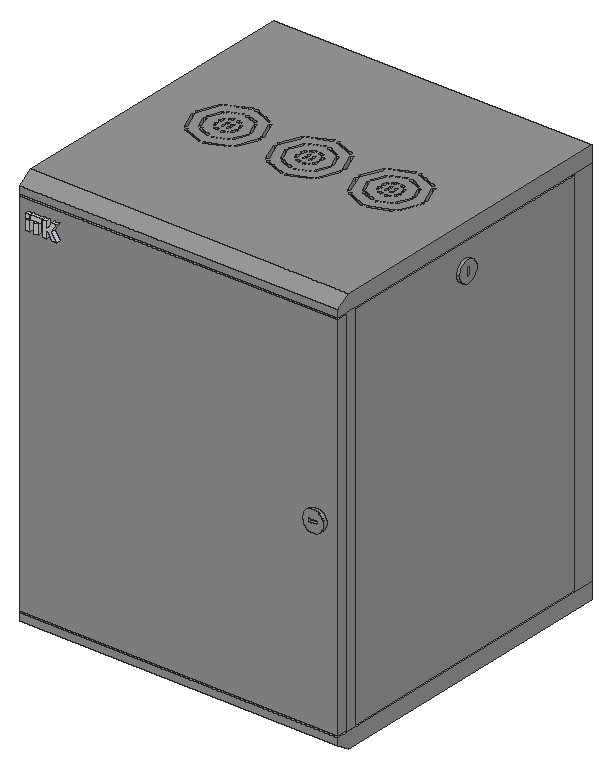
Revit family "Шкафы ITK серия W с металлической дверью", category Электрооборудование, Revit 2016
Family settings
  Тип детали = Другая панель
  Размер круглого соединителя = Использовать диаметр
  Номер OmniClass = 23.80.30.11.17
  Заголовок OmniClass = Distribution Boards and Control Panels
  На основе рабочей плоскости = Нет
  Всегда вертикально = Да
  При загрузке вырезать с полостями = Нет
  Общий = Нет
  Точка расчета площади = Нет
Parameters
  Ширина УГО = Ширина / 100  # 6 mm
  Ширина = 600 mm
  Степень защиты = "IP20"
  Смещение УГО по X [instance] = 1000 mm
  Описание = "Настенные шкафы ITK серии LINEA W используются для размещения компактного и не очень тяжелого 19-дюймового коммутационного оборудования и кроссов. Они предназначены для локальных сетей, разворачиваемых в условиях ограниченного пространства и не имеющих специально отведенных под нужды связи помещений. Помимо компактности, удобства размещения и обслуживания, шкафы LINEA W имеют эстетичный внешний вид, что играет немаловажную роль в таких системах.\r\n\r\nКонструктивные особенности настенных шкафов ITK позволяют обслуживать 19-дюймовое оборудование с трех сторон, надежно защищать его от посторонних, обеспечивать хорошую вентиляцию, заводить необходимые кабели и провода как сверху, так и снизу. За счет малого веса и габаритов шкафы LINEA W быстро и легко собираются/разбираются и транспортируются на новое место. Установка шкафов возможна на стене, на полу, на специальной тумбе или столе.\r\nЭргономичный дизайн и эстетичный внешний вид.\r\nСборка одним человеком за 10 минут.\r\nДоступ к оборудованию с трех сторон.\r\nМонтажные профили имеют разметку в юнитах (U).\r\nВвод кабеля сверху и снизу.\r\nХорошая естественная вентиляция, возможность установки вентиляторного модуля в крыше для улучшения температурных показателей.\r\nСтатическая нагрузка 60 кг.\r\nРасширенная базовая комплектация с L-образными уголками для установки оборудования.\r\nСовместимы с аксессуарами ITK для 19-дюймовых шкафов.\r\nЗанимает мало места при транспортировке.\r\nРасширенная гарантия до 10 лет."  # constant formula
  Материал = Окраска - RAL 7035
  Type Comments = ""
  Assembly Code = ""
  Изготовитель = "ITK"  # constant formula
  Засечка УГО = 1.2 mm  # constant formula
  Model = ""
  Глубина УГО = Глубина / 100  # 6 mm
  Глубина = 600 mm
  Высота = 770 mm
  Вид установки = "Настенный"
  URL = "http://www.itk-group.ru/produktsiya/catalog/?page=section&id=462"
  ADSK_Ток = ADSK_Номинальная мощность / (ADSK_Коэффициент мощности * ADSK_Напряжение * sqrt(ADSK_Количество фаз числовое))  # 0.0227273 A
  ADSK_Примечание = ""
  ADSK_Полная мощность = ADSK_Номинальная мощность / ADSK_Коэффициент мощности  # 5 VA
  ADSK_Позиция [instance] = ""
  ADSK_Номинальная мощность = 5 W
  ADSK_Напряжение = 220 V
  ADSK_Наименование краткое = "LWR3-15U66-MF"
  ADSK_Наименование = "ITK Шкаф LINEA W 15U 600x600 мм дверь металл, RAL7035"
  ADSK_Масса = 0
  ADSK_Марка = "LWR3-15U66-MF"
  ADSK_Коэффициент мощности = 1
  ADSK_Количество фаз числовое = 1
  ADSK_Количество фаз = 1
  ADSK_Код изделия = ""
  ADSK_Классификация нагрузок = Прочее
  ADSK_Завод-изготовитель = "IEK"
  ADSK_Единица измерения = "шт"
  ADSK_Группирование = "I. ЩИТЫ И ПУЛЬТЫ"
Reference planes
  plane 1 "По центру (Вперед/Назад)": y = 0
  plane 2: z = 0
  plane 3 "По центру (Влево/Вправо)": x = 0
  plane 4: x = -300
  plane 5: x = 300
  plane 6: y = 300
  plane 7: y = -300
  plane 8: z = 770
  plane 9: z = 250
  plane 10: z = 50
  plane 11 "Смещение УГО по X": x = -1000
Forms (mm)
  Extrusion 1, solid, detail levels coarse+medium
    sketch origin (0, 0, 0) x (1, 0, 0) y (0, 1, 0)
      loop
        line (-300, 300) -> (-300, -300) -> (300, -300) -> (300, 300) -> (-300, 300)
    from 0 to 770 <- "Высота"
Lines and regions (mm)
  reference lines
    curve 1: line (0, 99.613, 0) -> (0, -170.387, 0)
Dimensions and locks
  equal spacing: plane 7, plane 1 "По центру (Вперед/Назад)", plane 6
  "Глубина": plane 7 to plane 6
  equal spacing: plane 4, plane 3 "По центру (Влево/Вправо)", plane 5
  "Ширина": plane 4 to plane 5
  "Высота": plane 8 to plane 2
  plane 11 "Смещение УГО по X" to plane 3 "По центру (Влево/Вправо)" = 1000 mm
  "Смещение УГО по X": plane 11 "Смещение УГО по X" to curve 1
  aligned and locked: level to plane 2
  aligned and locked: plane 1 "По центру (Вперед/Назад)" to nested 1
  aligned and locked: plane 3 "По центру (Влево/Вправо)" to nested 1
  aligned and locked: plane 3 "По центру (Влево/Вправо)" to nested 2
  aligned and locked: plane 1 "По центру (Вперед/Назад)" to nested 2
  aligned and locked: plane 1 "По центру (Вперед/Назад)" to nested 3
  aligned and locked: plane 3 "По центру (Влево/Вправо)" to nested 3
  aligned and locked: plane 1 "По центру (Вперед/Назад)" to nested 4
  aligned and locked: plane 3 "По центру (Влево/Вправо)" to nested 4
  aligned and locked: plane 1 "По центру (Вперед/Назад)" to nested 5
  aligned and locked: plane 3 "По центру (Влево/Вправо)" to nested 5
  aligned and locked: plane 1 "По центру (Вперед/Назад)" to nested 6
  aligned and locked: nested 6 to curve 1
  aligned and locked: Extrusion 1 sketch curve to plane 4
  aligned and locked: Extrusion 1 sketch curve to plane 6
  aligned and locked: plane 5 to Extrusion 1 sketch curve
  aligned and locked: plane 7 to Extrusion 1 sketch curve
Automatic sketch dimensions
  curve 1 to plane 7 = 129.613 mm
  curve 1 to plane 1 "По центру (Вперед/Назад)" = 99.613 mm
Nested families
  nested 1: "Стойка_комплект 4шт" at (0, 0, 0), type "Стойка_комплект 4шт", detail levels fine
    with Высота 770 mm
  nested 2: "Панель боковая_2шт" at (0, 0, 0), type "Панель боковая_2шт", detail levels fine
    with Глубина 600 mm, Высота 770 mm
  nested 3: "Панель задняя" at (0, 0, 0), type "Панель задняя", detail levels fine
    with Высота 770 mm
  nested 4: "Основание_2шт" at (0, 0, 0), type "Основание_2шт", detail levels fine
    with Высота 770 mm
  nested 5: "Комплект двери металл" at (0, 0, 0), type "Комплект двери металл", detail levels fine
  nested 6: "УГО (одна дверь)" at (0, 0, 0), type "УГО (одна дверь)", detail levels coarse+medium
Connectors
  electrical at (0, 300, 385), driven by "ADSK_Количество фаз", driven by "ADSK_Классификация нагрузок", driven by "ADSK_Напряжение", driven by "ADSK_Полная мощность", driven by "ADSK_Коэффициент мощности"
    settings: on nested 3, index 2, voltage 220 V, apparent load 0 VA, apparent load phase1 5 VA, apparent load phase2 0 VA, apparent load phase3 0 VA, power factor 1, load classification "Прочее", number of poles 1, system type 31, power factor state 1, is connector primary yes, connector utility no, sub classification motor no, connector description ""
Definition of nested family "Стойка_комплект 4шт"
  Parameters
    Ширина = 600 mm
    Материал = none
    Глубина = 600 mm
    Высота = 2200 mm
  Reference planes
    plane 1 "По центру (Вперед/Назад)": y = 0
    plane 2: z = 0
    plane 3 "По центру (Влево/Вправо)": x = 0
    plane 4: x = -300
    plane 5: x = 300
    plane 6: y = 300
    plane 7: y = -300
    plane 8: y = 260
    plane 9: y = -260
    plane 10: x = -260
    plane 11: x = 260
    plane 12: z = 2170
    plane 13: z = 30
    plane 14: z = 2200
  Forms (mm)
    Extrusion 1, solid, material <- "Материал"
      sketch origin (0, 0, 0) x (1, 0, 0) y (0, 1, 0)
        loop
          line (-300, -260) -> (-300, -280) -> (-245, -280) -> (-245, -260) -> (-260, -260) -> (-260, -245) -> (-270, -245) -> (-270, -260) -> (-300, -260)
        loop
          line (300, -260) -> (270, -260) -> (270, -245) -> (260, -245) -> (260, -260) -> (245, -260) -> (245, -280) -> (300, -280) -> (300, -260)
        loop
          line (300, 260) -> (300, 300) -> (260, 300) -> (260, 270) -> (245, 270) -> (245, 260) -> (260, 260) -> (260, 245) -> (270, 245) -> (270, 260) -> (300, 260)
        loop
          line (-300, 260) -> (-270, 260) -> (-270, 245) -> (-260, 245) -> (-260, 260) -> (-245, 260) -> (-245, 270) -> (-260, 270) -> (-260, 300) -> (-300, 300) -> (-300, 260)
        loop
          line (297, 297) -> (263, 297) -> (263, 267) -> (248, 267) -> (248, 263) -> (263, 263) -> (263, 248) -> (267, 248) -> (267, 263) -> (297, 263) -> (297, 297)
        loop
          line (-263, 297) -> (-297, 297) -> (-297, 263) -> (-267, 263) -> (-267, 248) -> (-263, 248) -> (-263, 263) -> (-248, 263) -> (-248, 267) -> (-263, 267) -> (-263, 297)
        loop
          line (-297, -263) -> (-297, -277) -> (-248, -277) -> (-248, -263) -> (-263, -263) -> (-263, -248) -> (-267, -248) -> (-267, -263) -> (-297, -263)
        loop
          line (297, -277) -> (297, -263) -> (267, -263) -> (267, -248) -> (263, -248) -> (263, -263) -> (248, -263) -> (248, -277) -> (297, -277)
      from 30 to 2170
  Dimensions and locks
    equal spacing: plane 7, plane 1 "По центру (Вперед/Назад)", plane 6
    equal spacing: plane 4, plane 3 "По центру (Влево/Вправо)", plane 5
    "Ширина": plane 4 to plane 5
    "Глубина": plane 7 to plane 6
    locked: plane 7 to plane 9 at 40
    locked: plane 6 to plane 8 at 40
    locked: plane 11 to plane 5 at 40
    locked: plane 4 to plane 10 at 40
    plane 14 to plane 12 = 30 mm
    plane 13 to plane 2 = 30 mm
    "Высота": plane 14 to plane 2
    aligned and locked: level to plane 2
    aligned and locked: plane 9 to Extrusion 1 sketch curve
    aligned and locked: plane 4 to Extrusion 1 sketch curve
    aligned and locked: plane 5 to Extrusion 1 sketch curve
    aligned and locked: plane 8 to Extrusion 1 sketch curve  (x2)
    aligned and locked: Extrusion 1 sketch curve to plane 11  (x2)
    aligned and locked: Extrusion 1 sketch curve to plane 6
    aligned and locked: plane 10 to Extrusion 1 sketch curve  (x2)
    aligned and locked: Extrusion 1 sketch curve to plane 8  (x2)
    aligned and locked: plane 6 to Extrusion 1 sketch curve
    aligned and locked: Extrusion 1 sketch curve to plane 4
    aligned and locked: Extrusion 1 sketch curve to plane 5
    aligned and locked: Extrusion 1 sketch curve to plane 9
    aligned and locked: plane 11 to Extrusion 1 sketch curve
    aligned and locked: plane 12 to Extrusion 1
    aligned and locked: Extrusion 1 to plane 13
  Automatic sketch dimensions
    Extrusion 1 sketch curve to plane 10 = 0 mm
    plane 9 to Extrusion 1 sketch curve = 0 mm  (x2)
    plane 4 to Extrusion 1 sketch curve = 3 mm  (x2)
    Extrusion 1 sketch curve to plane 10 = 10 mm  (x2)
    Extrusion 1 sketch curve to Extrusion 1 sketch curve = 3 mm  (x16)
    Extrusion 1 sketch curve to plane 10 = 3 mm  (x3)
    plane 10 to Extrusion 1 sketch curve = 12 mm  (x2)
    Extrusion 1 sketch curve to Extrusion 1 sketch curve = 15 mm  (x2)
    Extrusion 1 sketch curve to plane 11 = 3 mm  (x3)
    Extrusion 1 sketch curve to Extrusion 1 sketch curve = 4 mm  (x4)
    plane 5 to Extrusion 1 sketch curve = 3 mm  (x2)
    plane 9 to Extrusion 1 sketch curve = 3 mm  (x4)
    Extrusion 1 sketch curve to Extrusion 1 sketch curve = 14 mm  (x2)
    Extrusion 1 sketch curve to plane 9 = 12 mm  (x2)
    Extrusion 1 sketch curve to plane 8 = 15 mm  (x2)
    plane 8 to Extrusion 1 sketch curve = 3 mm  (x4)
    Extrusion 1 sketch curve to plane 6 = 3 mm  (x2)
Definition of nested family "Панель боковая_2шт"
  Parameters
    Ширина = 600 mm
    Материал = none
    Глубина = 450 mm
    Высота = 500 mm
  Reference planes
    plane 1 "По центру (Вперед/Назад)": y = 0
    plane 2: z = 0
    plane 3 "По центру (Влево/Вправо)": x = 0
    plane 4: x = -300
    plane 5: x = 300
    plane 6: y = 225
    plane 7: y = -225
    plane 8: y = 185
    plane 9: y = -185
    plane 10: x = -260
    plane 11: x = 260
    plane 12: z = 470
    plane 13: z = 30
    plane 14: z = 467
    plane 15: z = 33
    plane 16: z = 500
    plane 17: z = 420
  Forms (mm)
    Extrusion 1, solid, material <- "Материал"
      sketch origin (0, 0, 0) x (1, 0, 0) y (0, 1, 0)
        loop
          line (-300, 182) -> (-300, -182) -> (-269.98, -182) -> (-269.98, -172) -> (-289.98, -172) -> (-289.98, 172) -> (-270, 172) -> (-270, 182) -> (-300, 182)
        loop
          line (300, 182) -> (269.98, 182) -> (269.98, 172) -> (289.98, 172) -> (289.98, -172) -> (269.98, -172) -> (269.98, -182) -> (300, -182) -> (300, 182)
      from 33 to 467
  Dimensions and locks
    equal spacing: plane 7, plane 1 "По центру (Вперед/Назад)", plane 6
    equal spacing: plane 4, plane 3 "По центру (Влево/Вправо)", plane 5
    "Ширина": plane 4 to plane 5
    "Глубина": plane 7 to plane 6
    locked: plane 7 to plane 9 at 40
    locked: plane 6 to plane 8 at 40
    locked: plane 11 to plane 5 at 40
    locked: plane 4 to plane 10 at 40
    plane 12 to plane 14 = 3 mm
    plane 15 to plane 13 = 3 mm
    plane 16 to plane 12 = 30 mm
    plane 13 to plane 2 = 30 mm
    "Высота": plane 16 to plane 2
    plane 12 to plane 17 = 50 mm
    aligned and locked: level to plane 2
    aligned and locked: plane 4 to Extrusion 1 sketch curve
    aligned and locked: Extrusion 1 sketch curve to plane 5
    aligned and locked: plane 14 to Extrusion 1
    aligned and locked: Extrusion 1 to plane 15
    aligned and locked: nested 2 to plane 1 "По центру (Вперед/Назад)"
    aligned and locked: nested 2 to plane 17
    aligned and locked: nested 1 to plane 17
    aligned and locked: plane 1 "По центру (Вперед/Назад)" to nested 1
  Automatic sketch dimensions
    plane 4 to Extrusion 1 sketch curve = 10.02 mm
    Extrusion 1 sketch curve to plane 10 = 10 mm
    Extrusion 1 sketch curve to plane 10 = 9.98 mm
    Extrusion 1 sketch curve to plane 11 = 9.98 mm  (x2)
    plane 5 to Extrusion 1 sketch curve = 10.02 mm
    Extrusion 1 sketch curve to plane 9 = 13 mm  (x2)
    Extrusion 1 sketch curve to plane 8 = 13 mm  (x2)
    Extrusion 1 sketch curve to plane 9 = 3 mm  (x2)
    Extrusion 1 sketch curve to plane 8 = 3 mm  (x2)
  Nested families
    nested 1: "Замок" at (-300, 0, 420) x (0, -1, 0) z (-1, 0, 0), type "Замок"
    nested 2: "Замок" at (300, 0, 420) x (0, 1, 0) z (1, 0, 0), type "Замок"
  Definition of nested family "Замок"
    Parameters
      Default Elevation = 1219.2 mm
      Материал = none
    Reference planes
      plane 1 "По центру (Вперед/Назад)": y = 0
      plane 2: z = 0
      plane 3 "По центру (Влево/Вправо)": x = 0
    Forms (mm)
      Extrusion 1, solid
        sketch origin (0, 0, 0) x (1, 0, 0) y (0, 1, 0)
          loop
            line (-1219.2, 1219.2) -> (-1219.2, -1219.2) -> (1219.2, -1219.2) -> (1219.2, 1219.2) -> (-1219.2, 1219.2)
        from 0 to -304.8
      Extrusion 2, solid, material <- "Материал"
        sketch origin (0, 0, 0) x (1, 0, 0) y (0, 1, 0)
          loop
            circle (0, 0) r 20
          loop
            line (3, 8.219) -> (-3, 8.219) -> (-3, -8.219) -> (3, -8.219) -> (3, 8.219)
        from 0 to 7
    Dimensions and locks
      aligned and locked: plane 2 to Extrusion 1
      aligned and locked: level to Extrusion 1
Definition of nested family "Панель задняя"
  Parameters
    Ширина = 600 mm
    Материал = none
    Глубина = 600 mm
    Высота = 1800 mm
  Reference planes
    plane 1 "По центру (Вперед/Назад)": y = 0
    plane 2: z = 0
    plane 3 "По центру (Влево/Вправо)": x = 0
    plane 4: x = -300
    plane 5: x = 300
    plane 6: y = 300
    plane 7: y = -300
    plane 8: y = 260
    plane 9: y = -260
    plane 10: x = -260
    plane 11: x = 260
    plane 12: z = 1770
    plane 13: z = 30
    plane 14: z = 1767
    plane 15: z = 33
    plane 16: z = 1800
  Forms (mm)
    Extrusion 1, solid, material <- "Материал"
      sketch origin (0, 0, 0) x (1, 0, 0) y (0, 1, 0)
        loop
          line (-257, 300) -> (-257, 270) -> (-247, 270) -> (-247, 290) -> (247, 290) -> (247, 270) -> (257, 270) -> (257, 300) -> (-257, 300)
      from 33 to 1767
  Dimensions and locks
    equal spacing: plane 7, plane 1 "По центру (Вперед/Назад)", plane 6
    equal spacing: plane 4, plane 3 "По центру (Влево/Вправо)", plane 5
    "Ширина": plane 4 to plane 5
    "Глубина": plane 7 to plane 6
    locked: plane 7 to plane 9 at 40
    locked: plane 6 to plane 8 at 40
    locked: plane 11 to plane 5 at 40
    locked: plane 4 to plane 10 at 40
    plane 12 to plane 14 = 3 mm
    plane 15 to plane 13 = 3 mm
    plane 16 to plane 12 = 30 mm
    plane 13 to plane 2 = 30 mm
    "Высота": plane 16 to plane 2
    aligned and locked: level to plane 2
    aligned and locked: Extrusion 1 sketch curve to plane 6
    aligned and locked: plane 14 to Extrusion 1
    aligned and locked: Extrusion 1 to plane 15
  Automatic sketch dimensions
    plane 10 to Extrusion 1 sketch curve = 3 mm
    Extrusion 1 sketch curve to Extrusion 1 sketch curve = 10 mm
    plane 11 to Extrusion 1 sketch curve = 13 mm
    plane 11 to Extrusion 1 sketch curve = 3 mm
    Extrusion 1 sketch curve to plane 6 = 10 mm
    plane 8 to Extrusion 1 sketch curve = 10 mm  (x2)
Definition of nested family "Основание_2шт"
  Parameters
    Ширина = 600 mm
    Материал = none
    Глубина = 600 mm
    Высота = 1800 mm
  Reference planes
    plane 1 "По центру (Вперед/Назад)": y = 0
    plane 2: z = 0
    plane 3 "По центру (Влево/Вправо)": x = 0
    plane 4: x = -300
    plane 5: x = 300
    plane 6: y = 300
    plane 7: y = -300
    plane 8: y = 260
    plane 9: y = -260
    plane 10: x = -260
    plane 11: x = 260
    plane 12: z = 30
    plane 13: z = 1800
    plane 14: z = 1770
    plane 15: z = 1765
    plane 16: z = 35
    plane 17: z = 1790
  Forms (mm)
    Extrusion 1, solid, material <- "Материал"
      sketch origin (-1511.359, -1524, 1770) x (-1, 0, 0) y (0, -1, 0)
        loop
          line (-1771.359, -1769) -> (-1771.359, -1784) -> (-1756.359, -1784) -> (-1756.359, -1814) -> (-1266.359, -1814) -> (-1266.359, -1784) -> (-1251.359, -1784) -> (-1251.359, -1769) -> (-1221.359, -1769) -> (-1221.359, -1279) -> (-1251.359, -1279) -> (-1251.359, -1264) -> (-1266.359, -1264) -> (-1266.359, -1244) -> (-1756.359, -1244) -> (-1756.359, -1264) -> (-1771.359, -1264) -> (-1771.359, -1279) -> (-1801.359, -1279) -> (-1801.359, -1769) -> (-1771.359, -1769)
      from -5 to 0
    Extrusion 2, solid, material <- "Материал"
      sketch origin (-1511.359, -1524, 384.733) x (0, 1, 0) y (1, 0, 0)
        loop
          line (1769, 1771.359) -> (1769, 1801.359) -> (1279, 1801.359) -> (1279, 1771.359) -> (1264, 1771.359) -> (1264, 1756.359) -> (1244, 1756.359) -> (1244, 1266.359) -> (1264, 1266.359) -> (1264, 1251.359) -> (1279, 1251.359) -> (1279, 1221.359) -> (1769, 1221.359) -> (1769, 1251.359) -> (1784, 1251.359) -> (1784, 1266.359) -> (1814, 1266.359) -> (1814, 1756.359) -> (1784, 1756.359) -> (1784, 1771.359) -> (1769, 1771.359)
      from 349.733 to 354.733
    Extrusion 3, solid, material <- "Материал"
      sketch origin (0, 0, 0) x (0, 1, 0) y (0, 0, 1)
        loop
          line (300, 1800) -> (-273.75, 1800) -> (-300, 1783.75) -> (-300, 1770) -> (300, 1770) -> (300, 1800)
        loop
          line (300, 0) -> (300, 30) -> (-300, 30) -> (-300, 16.25) -> (-273.75, 0) -> (300, 0)
      from -300 to 300
    Extrusion 4, void
      sketch origin (-1511.359, -1524, 1770) x (0, -1, 0) y (-1, 0, 0)
        loop
          arc (-1537.563, -1297.269) -> (-1536.21, -1294.003) -> (-1539.476, -1292.65) r 2.5
          line (-1539.476, -1292.65) -> (-1574.71, -1307.244)
          arc (-1574.71, -1307.244) -> (-1576.063, -1310.511) -> (-1572.797, -1311.864) r 2.5
          line (-1572.797, -1311.864) -> (-1537.563, -1297.269)
        loop
          arc (-1578.515, -1317.582) -> (-1579.868, -1314.315) -> (-1583.134, -1315.668) r 2.5
          line (-1583.134, -1315.668) -> (-1597.729, -1350.902)
          arc (-1597.729, -1350.902) -> (-1596.376, -1354.169) -> (-1593.109, -1352.816) r 2.5
          line (-1593.109, -1352.816) -> (-1578.515, -1317.582)
        loop
          arc (-1593.109, -1360.902) -> (-1596.376, -1359.549) -> (-1597.729, -1362.816) r 2.5
          line (-1597.729, -1362.816) -> (-1583.134, -1398.05)
          arc (-1583.134, -1398.05) -> (-1579.868, -1399.403) -> (-1578.515, -1396.136) r 2.5
          line (-1578.515, -1396.136) -> (-1593.109, -1360.902)
        loop
          arc (-1539.476, -1421.068) -> (-1536.21, -1419.715) -> (-1537.563, -1416.449) r 2.5
          line (-1537.563, -1416.449) -> (-1572.797, -1401.854)
          arc (-1572.797, -1401.854) -> (-1576.063, -1403.207) -> (-1574.71, -1406.474) r 2.5
          line (-1574.71, -1406.474) -> (-1539.476, -1421.068)
        loop
          arc (-1492.329, -1406.474) -> (-1490.976, -1403.207) -> (-1494.242, -1401.854) r 2.5
          line (-1494.242, -1401.854) -> (-1529.476, -1416.449)
          arc (-1529.476, -1416.449) -> (-1530.829, -1419.715) -> (-1527.563, -1421.068) r 2.5
          line (-1527.563, -1421.068) -> (-1492.329, -1406.474)
        loop
          arc (-1469.31, -1362.816) -> (-1470.663, -1359.549) -> (-1473.93, -1360.902) r 2.5
          line (-1473.93, -1360.902) -> (-1488.524, -1396.136)
          arc (-1488.524, -1396.136) -> (-1487.171, -1399.403) -> (-1483.905, -1398.05) r 2.5
          line (-1483.905, -1398.05) -> (-1469.31, -1362.816)
        loop
          arc (-1483.905, -1315.668) -> (-1487.171, -1314.315) -> (-1488.524, -1317.582) r 2.5
          line (-1488.524, -1317.582) -> (-1473.93, -1352.816)
          arc (-1473.93, -1352.816) -> (-1470.663, -1354.169) -> (-1469.31, -1350.902) r 2.5
          line (-1469.31, -1350.902) -> (-1483.905, -1315.668)
        loop
          arc (-1527.563, -1292.65) -> (-1530.829, -1294.003) -> (-1529.476, -1297.269) r 2.5
          line (-1529.476, -1297.269) -> (-1494.242, -1311.864)
          arc (-1494.242, -1311.864) -> (-1490.976, -1310.511) -> (-1492.329, -1307.244) r 2.5
          line (-1492.329, -1307.244) -> (-1527.563, -1292.65)
        loop
          arc (-1527.563, -1314.298) -> (-1530.829, -1315.651) -> (-1529.476, -1318.917) r 2.5
          line (-1529.476, -1318.917) -> (-1509.549, -1327.171)
          arc (-1509.549, -1327.171) -> (-1506.283, -1325.818) -> (-1507.636, -1322.552) r 2.5
          line (-1507.636, -1322.552) -> (-1527.563, -1314.298)
        loop
          arc (-1537.563, -1318.917) -> (-1536.21, -1315.651) -> (-1539.476, -1314.298) r 2.5
          line (-1539.476, -1314.298) -> (-1559.403, -1322.552)
          arc (-1559.403, -1322.552) -> (-1560.756, -1325.818) -> (-1557.489, -1327.171) r 2.5
          line (-1557.489, -1327.171) -> (-1537.563, -1318.917)
        loop
          arc (-1563.208, -1332.889) -> (-1564.561, -1329.623) -> (-1567.827, -1330.976) r 2.5
          line (-1567.827, -1330.976) -> (-1576.081, -1350.902)
          arc (-1576.081, -1350.902) -> (-1574.728, -1354.169) -> (-1571.461, -1352.816) r 2.5
          line (-1571.461, -1352.816) -> (-1563.208, -1332.889)
        loop
          arc (-1571.461, -1360.902) -> (-1574.728, -1359.549) -> (-1576.081, -1362.816) r 2.5
          line (-1576.081, -1362.816) -> (-1567.827, -1382.743)
          arc (-1567.827, -1382.743) -> (-1564.561, -1384.095) -> (-1563.208, -1380.829) r 2.5
          line (-1563.208, -1380.829) -> (-1571.461, -1360.902)
        loop
          arc (-1557.489, -1386.547) -> (-1560.756, -1387.9) -> (-1559.403, -1391.167) r 2.5
          line (-1559.403, -1391.167) -> (-1539.476, -1399.42)
          arc (-1539.476, -1399.42) -> (-1536.21, -1398.067) -> (-1537.563, -1394.801) r 2.5
          line (-1537.563, -1394.801) -> (-1557.489, -1386.547)
        loop
          arc (-1529.476, -1394.801) -> (-1530.829, -1398.067) -> (-1527.563, -1399.42) r 2.5
          line (-1527.563, -1399.42) -> (-1507.636, -1391.167)
          arc (-1507.636, -1391.167) -> (-1506.283, -1387.9) -> (-1509.549, -1386.547) r 2.5
          line (-1509.549, -1386.547) -> (-1529.476, -1394.801)
        loop
          arc (-1503.831, -1380.829) -> (-1502.478, -1384.095) -> (-1499.212, -1382.743) r 2.5
          line (-1499.212, -1382.743) -> (-1490.958, -1362.816)
          arc (-1490.958, -1362.816) -> (-1492.311, -1359.549) -> (-1495.577, -1360.902) r 2.5
          line (-1495.577, -1360.902) -> (-1503.831, -1380.829)
        loop
          arc (-1495.577, -1352.816) -> (-1492.311, -1354.169) -> (-1490.958, -1350.902) r 2.5
          line (-1490.958, -1350.902) -> (-1499.212, -1330.976)
          arc (-1499.212, -1330.976) -> (-1502.478, -1329.623) -> (-1503.831, -1332.889) r 2.5
          line (-1503.831, -1332.889) -> (-1495.577, -1352.816)
        loop
          arc (-1514.519, -1346.283) -> (-1517.786, -1344.93) -> (-1519.139, -1348.196) r 2.5
          line (-1519.139, -1348.196) -> (-1517.225, -1352.816)
          arc (-1517.225, -1352.816) -> (-1513.959, -1354.169) -> (-1512.606, -1350.902) r 2.5
          line (-1512.606, -1350.902) -> (-1514.519, -1346.283)
        loop
          arc (-1554.433, -1350.902) -> (-1553.08, -1354.169) -> (-1549.814, -1352.816) r 2.5
          line (-1549.814, -1352.816) -> (-1547.9, -1348.196)
          arc (-1547.9, -1348.196) -> (-1549.253, -1344.93) -> (-1552.52, -1346.283) r 2.5
          line (-1552.52, -1346.283) -> (-1554.433, -1350.902)
        loop
          arc (-1552.52, -1367.435) -> (-1549.253, -1368.788) -> (-1547.9, -1365.522) r 2.5
          line (-1547.9, -1365.522) -> (-1549.814, -1360.902)
          arc (-1549.814, -1360.902) -> (-1553.08, -1359.549) -> (-1554.433, -1362.816) r 2.5
          line (-1554.433, -1362.816) -> (-1552.52, -1367.435)
        loop
          arc (-1539.476, -1377.773) -> (-1536.21, -1376.42) -> (-1537.563, -1373.153) r 2.5
          line (-1537.563, -1373.153) -> (-1542.182, -1371.24)
          arc (-1542.182, -1371.24) -> (-1545.449, -1372.593) -> (-1544.096, -1375.859) r 2.5
          line (-1544.096, -1375.859) -> (-1539.476, -1377.773)
        loop
          arc (-1522.943, -1375.859) -> (-1521.59, -1372.593) -> (-1524.857, -1371.24) r 2.5
          line (-1524.857, -1371.24) -> (-1529.476, -1373.153)
          arc (-1529.476, -1373.153) -> (-1530.829, -1376.42) -> (-1527.563, -1377.773) r 2.5
          line (-1527.563, -1377.773) -> (-1522.943, -1375.859)
        loop
          arc (-1512.606, -1362.816) -> (-1513.959, -1359.549) -> (-1517.225, -1360.902) r 2.5
          line (-1517.225, -1360.902) -> (-1519.139, -1365.522)
          arc (-1519.139, -1365.522) -> (-1517.786, -1368.788) -> (-1514.519, -1367.435) r 2.5
          line (-1514.519, -1367.435) -> (-1512.606, -1362.816)
        loop
          line (-1522.943, -1337.859) -> (-1527.563, -1335.945)
          arc (-1527.563, -1335.945) -> (-1530.829, -1337.298) -> (-1529.476, -1340.565) r 2.5
          line (-1529.476, -1340.565) -> (-1524.857, -1342.478)
          arc (-1524.857, -1342.478) -> (-1521.59, -1341.125) -> (-1522.943, -1337.859) r 2.5
        loop
          arc (-1537.563, -1340.565) -> (-1536.21, -1337.298) -> (-1539.476, -1335.945) r 2.5
          line (-1539.476, -1335.945) -> (-1544.096, -1337.859)
          arc (-1544.096, -1337.859) -> (-1545.449, -1341.125) -> (-1542.182, -1342.478) r 2.5
          line (-1542.182, -1342.478) -> (-1537.563, -1340.565)
        loop
          circle (-1538.519, -1351.859) r 2.75
        loop
          circle (-1538.519, -1361.859) r 2.75
        loop
          circle (-1528.519, -1361.859) r 2.75
        loop
          circle (-1528.519, -1351.859) r 2.75
        loop
          arc (-1537.563, -1451.769) -> (-1536.21, -1448.503) -> (-1539.476, -1447.15) r 2.5
          line (-1539.476, -1447.15) -> (-1574.71, -1461.744)
          arc (-1574.71, -1461.744) -> (-1576.063, -1465.011) -> (-1572.797, -1466.364) r 2.5
          line (-1572.797, -1466.364) -> (-1537.563, -1451.769)
        loop
          arc (-1578.515, -1472.082) -> (-1579.868, -1468.815) -> (-1583.134, -1470.168) r 2.5
          line (-1583.134, -1470.168) -> (-1597.729, -1505.402)
          arc (-1597.729, -1505.402) -> (-1596.376, -1508.669) -> (-1593.109, -1507.316) r 2.5
          line (-1593.109, -1507.316) -> (-1578.515, -1472.082)
        loop
          arc (-1593.109, -1515.402) -> (-1596.376, -1514.049) -> (-1597.729, -1517.316) r 2.5
          line (-1597.729, -1517.316) -> (-1583.134, -1552.55)
          arc (-1583.134, -1552.55) -> (-1579.868, -1553.903) -> (-1578.515, -1550.636) r 2.5
          line (-1578.515, -1550.636) -> (-1593.109, -1515.402)
        loop
          arc (-1539.476, -1575.568) -> (-1536.21, -1574.215) -> (-1537.563, -1570.949) r 2.5
          line (-1537.563, -1570.949) -> (-1572.797, -1556.354)
          arc (-1572.797, -1556.354) -> (-1576.063, -1557.707) -> (-1574.71, -1560.974) r 2.5
          line (-1574.71, -1560.974) -> (-1539.476, -1575.568)
        loop
          arc (-1492.329, -1560.974) -> (-1490.976, -1557.707) -> (-1494.242, -1556.354) r 2.5
          line (-1494.242, -1556.354) -> (-1529.476, -1570.949)
          arc (-1529.476, -1570.949) -> (-1530.829, -1574.215) -> (-1527.563, -1575.568) r 2.5
          line (-1527.563, -1575.568) -> (-1492.329, -1560.974)
        loop
          arc (-1469.31, -1517.316) -> (-1470.663, -1514.049) -> (-1473.93, -1515.402) r 2.5
          line (-1473.93, -1515.402) -> (-1488.524, -1550.636)
          arc (-1488.524, -1550.636) -> (-1487.171, -1553.903) -> (-1483.905, -1552.55) r 2.5
          line (-1483.905, -1552.55) -> (-1469.31, -1517.316)
        loop
          arc (-1483.905, -1470.168) -> (-1487.171, -1468.815) -> (-1488.524, -1472.082) r 2.5
          line (-1488.524, -1472.082) -> (-1473.93, -1507.316)
          arc (-1473.93, -1507.316) -> (-1470.663, -1508.669) -> (-1469.31, -1505.402) r 2.5
          line (-1469.31, -1505.402) -> (-1483.905, -1470.168)
        loop
          arc (-1527.563, -1447.15) -> (-1530.829, -1448.503) -> (-1529.476, -1451.769) r 2.5
          line (-1529.476, -1451.769) -> (-1494.242, -1466.364)
          arc (-1494.242, -1466.364) -> (-1490.976, -1465.011) -> (-1492.329, -1461.744) r 2.5
          line (-1492.329, -1461.744) -> (-1527.563, -1447.15)
        loop
          arc (-1527.563, -1468.798) -> (-1530.829, -1470.151) -> (-1529.476, -1473.417) r 2.5
          line (-1529.476, -1473.417) -> (-1509.549, -1481.671)
          arc (-1509.549, -1481.671) -> (-1506.283, -1480.318) -> (-1507.636, -1477.052) r 2.5
          line (-1507.636, -1477.052) -> (-1527.563, -1468.798)
        loop
          arc (-1537.563, -1473.417) -> (-1536.21, -1470.151) -> (-1539.476, -1468.798) r 2.5
          line (-1539.476, -1468.798) -> (-1559.403, -1477.052)
          arc (-1559.403, -1477.052) -> (-1560.756, -1480.318) -> (-1557.489, -1481.671) r 2.5
          line (-1557.489, -1481.671) -> (-1537.563, -1473.417)
        loop
          arc (-1563.208, -1487.389) -> (-1564.561, -1484.123) -> (-1567.827, -1485.476) r 2.5
          line (-1567.827, -1485.476) -> (-1576.081, -1505.402)
          arc (-1576.081, -1505.402) -> (-1574.728, -1508.669) -> (-1571.461, -1507.316) r 2.5
          line (-1571.461, -1507.316) -> (-1563.208, -1487.389)
        loop
          arc (-1571.461, -1515.402) -> (-1574.728, -1514.049) -> (-1576.081, -1517.316) r 2.5
          line (-1576.081, -1517.316) -> (-1567.827, -1537.243)
          arc (-1567.827, -1537.243) -> (-1564.561, -1538.595) -> (-1563.208, -1535.329) r 2.5
          line (-1563.208, -1535.329) -> (-1571.461, -1515.402)
        loop
          arc (-1557.489, -1541.047) -> (-1560.756, -1542.4) -> (-1559.403, -1545.667) r 2.5
          line (-1559.403, -1545.667) -> (-1539.476, -1553.92)
          arc (-1539.476, -1553.92) -> (-1536.21, -1552.567) -> (-1537.563, -1549.301) r 2.5
          line (-1537.563, -1549.301) -> (-1557.489, -1541.047)
        loop
          arc (-1529.476, -1549.301) -> (-1530.829, -1552.567) -> (-1527.563, -1553.92) r 2.5
          line (-1527.563, -1553.92) -> (-1507.636, -1545.667)
          arc (-1507.636, -1545.667) -> (-1506.283, -1542.4) -> (-1509.549, -1541.047) r 2.5
          line (-1509.549, -1541.047) -> (-1529.476, -1549.301)
        loop
          arc (-1503.831, -1535.329) -> (-1502.478, -1538.595) -> (-1499.212, -1537.243) r 2.5
          line (-1499.212, -1537.243) -> (-1490.958, -1517.316)
          arc (-1490.958, -1517.316) -> (-1492.311, -1514.049) -> (-1495.577, -1515.402) r 2.5
          line (-1495.577, -1515.402) -> (-1503.831, -1535.329)
        loop
          arc (-1495.577, -1507.316) -> (-1492.311, -1508.669) -> (-1490.958, -1505.402) r 2.5
          line (-1490.958, -1505.402) -> (-1499.212, -1485.476)
          arc (-1499.212, -1485.476) -> (-1502.478, -1484.123) -> (-1503.831, -1487.389) r 2.5
          line (-1503.831, -1487.389) -> (-1495.577, -1507.316)
        loop
          arc (-1514.519, -1500.783) -> (-1517.786, -1499.43) -> (-1519.139, -1502.696) r 2.5
          line (-1519.139, -1502.696) -> (-1517.225, -1507.316)
          arc (-1517.225, -1507.316) -> (-1513.959, -1508.669) -> (-1512.606, -1505.402) r 2.5
          line (-1512.606, -1505.402) -> (-1514.519, -1500.783)
        loop
          arc (-1554.433, -1505.402) -> (-1553.08, -1508.669) -> (-1549.814, -1507.316) r 2.5
          line (-1549.814, -1507.316) -> (-1547.9, -1502.696)
          arc (-1547.9, -1502.696) -> (-1549.253, -1499.43) -> (-1552.52, -1500.783) r 2.5
          line (-1552.52, -1500.783) -> (-1554.433, -1505.402)
        loop
          arc (-1552.52, -1521.935) -> (-1549.253, -1523.288) -> (-1547.9, -1520.022) r 2.5
          line (-1547.9, -1520.022) -> (-1549.814, -1515.402)
          arc (-1549.814, -1515.402) -> (-1553.08, -1514.049) -> (-1554.433, -1517.316) r 2.5
          line (-1554.433, -1517.316) -> (-1552.52, -1521.935)
        loop
          arc (-1539.476, -1532.273) -> (-1536.21, -1530.92) -> (-1537.563, -1527.653) r 2.5
          line (-1537.563, -1527.653) -> (-1542.182, -1525.74)
          arc (-1542.182, -1525.74) -> (-1545.449, -1527.093) -> (-1544.096, -1530.359) r 2.5
          line (-1544.096, -1530.359) -> (-1539.476, -1532.273)
        loop
          arc (-1522.943, -1530.359) -> (-1521.59, -1527.093) -> (-1524.857, -1525.74) r 2.5
          line (-1524.857, -1525.74) -> (-1529.476, -1527.653)
          arc (-1529.476, -1527.653) -> (-1530.829, -1530.92) -> (-1527.563, -1532.273) r 2.5
          line (-1527.563, -1532.273) -> (-1522.943, -1530.359)
        loop
          arc (-1512.606, -1517.316) -> (-1513.959, -1514.049) -> (-1517.225, -1515.402) r 2.5
          line (-1517.225, -1515.402) -> (-1519.139, -1520.022)
          arc (-1519.139, -1520.022) -> (-1517.786, -1523.288) -> (-1514.519, -1521.935) r 2.5
          line (-1514.519, -1521.935) -> (-1512.606, -1517.316)
        loop
          line (-1522.943, -1492.359) -> (-1527.563, -1490.445)
          arc (-1527.563, -1490.445) -> (-1530.829, -1491.798) -> (-1529.476, -1495.065) r 2.5
          line (-1529.476, -1495.065) -> (-1524.857, -1496.978)
          arc (-1524.857, -1496.978) -> (-1521.59, -1495.625) -> (-1522.943, -1492.359) r 2.5
        loop
          arc (-1537.563, -1495.065) -> (-1536.21, -1491.798) -> (-1539.476, -1490.445) r 2.5
          line (-1539.476, -1490.445) -> (-1544.096, -1492.359)
          arc (-1544.096, -1492.359) -> (-1545.449, -1495.625) -> (-1542.182, -1496.978) r 2.5
          line (-1542.182, -1496.978) -> (-1537.563, -1495.065)
        loop
          circle (-1538.519, -1506.359) r 2.75
        loop
          circle (-1538.519, -1516.359) r 2.75
        loop
          circle (-1528.519, -1516.359) r 2.75
        loop
          circle (-1528.519, -1506.359) r 2.75
        loop
          arc (-1537.563, -1606.269) -> (-1536.21, -1603.003) -> (-1539.476, -1601.65) r 2.5
          line (-1539.476, -1601.65) -> (-1574.71, -1616.244)
          arc (-1574.71, -1616.244) -> (-1576.063, -1619.511) -> (-1572.797, -1620.864) r 2.5
          line (-1572.797, -1620.864) -> (-1537.563, -1606.269)
        loop
          arc (-1578.515, -1626.582) -> (-1579.868, -1623.315) -> (-1583.134, -1624.668) r 2.5
          line (-1583.134, -1624.668) -> (-1597.729, -1659.902)
          arc (-1597.729, -1659.902) -> (-1596.376, -1663.169) -> (-1593.109, -1661.816) r 2.5
          line (-1593.109, -1661.816) -> (-1578.515, -1626.582)
        loop
          arc (-1593.109, -1669.902) -> (-1596.376, -1668.549) -> (-1597.729, -1671.816) r 2.5
          line (-1597.729, -1671.816) -> (-1583.134, -1707.05)
          arc (-1583.134, -1707.05) -> (-1579.868, -1708.403) -> (-1578.515, -1705.136) r 2.5
          line (-1578.515, -1705.136) -> (-1593.109, -1669.902)
        loop
          arc (-1539.476, -1730.068) -> (-1536.21, -1728.715) -> (-1537.563, -1725.449) r 2.5
          line (-1537.563, -1725.449) -> (-1572.797, -1710.854)
          arc (-1572.797, -1710.854) -> (-1576.063, -1712.207) -> (-1574.71, -1715.474) r 2.5
          line (-1574.71, -1715.474) -> (-1539.476, -1730.068)
        loop
          arc (-1492.329, -1715.474) -> (-1490.976, -1712.207) -> (-1494.242, -1710.854) r 2.5
          line (-1494.242, -1710.854) -> (-1529.476, -1725.449)
          arc (-1529.476, -1725.449) -> (-1530.829, -1728.715) -> (-1527.563, -1730.068) r 2.5
          line (-1527.563, -1730.068) -> (-1492.329, -1715.474)
        loop
          arc (-1469.31, -1671.816) -> (-1470.663, -1668.549) -> (-1473.93, -1669.902) r 2.5
          line (-1473.93, -1669.902) -> (-1488.524, -1705.136)
          arc (-1488.524, -1705.136) -> (-1487.171, -1708.403) -> (-1483.905, -1707.05) r 2.5
          line (-1483.905, -1707.05) -> (-1469.31, -1671.816)
        loop
          arc (-1483.905, -1624.668) -> (-1487.171, -1623.315) -> (-1488.524, -1626.582) r 2.5
          line (-1488.524, -1626.582) -> (-1473.93, -1661.816)
          arc (-1473.93, -1661.816) -> (-1470.663, -1663.169) -> (-1469.31, -1659.902) r 2.5
          line (-1469.31, -1659.902) -> (-1483.905, -1624.668)
        loop
          arc (-1527.563, -1601.65) -> (-1530.829, -1603.003) -> (-1529.476, -1606.269) r 2.5
          line (-1529.476, -1606.269) -> (-1494.242, -1620.864)
          arc (-1494.242, -1620.864) -> (-1490.976, -1619.511) -> (-1492.329, -1616.244) r 2.5
          line (-1492.329, -1616.244) -> (-1527.563, -1601.65)
        loop
          arc (-1527.563, -1623.298) -> (-1530.829, -1624.651) -> (-1529.476, -1627.917) r 2.5
          line (-1529.476, -1627.917) -> (-1509.549, -1636.171)
          arc (-1509.549, -1636.171) -> (-1506.283, -1634.818) -> (-1507.636, -1631.552) r 2.5
          line (-1507.636, -1631.552) -> (-1527.563, -1623.298)
        loop
          arc (-1537.563, -1627.917) -> (-1536.21, -1624.651) -> (-1539.476, -1623.298) r 2.5
          line (-1539.476, -1623.298) -> (-1559.403, -1631.552)
          arc (-1559.403, -1631.552) -> (-1560.756, -1634.818) -> (-1557.489, -1636.171) r 2.5
          line (-1557.489, -1636.171) -> (-1537.563, -1627.917)
        loop
          arc (-1563.208, -1641.889) -> (-1564.561, -1638.623) -> (-1567.827, -1639.976) r 2.5
          line (-1567.827, -1639.976) -> (-1576.081, -1659.902)
          arc (-1576.081, -1659.902) -> (-1574.728, -1663.169) -> (-1571.461, -1661.816) r 2.5
          line (-1571.461, -1661.816) -> (-1563.208, -1641.889)
        loop
          arc (-1571.461, -1669.902) -> (-1574.728, -1668.549) -> (-1576.081, -1671.816) r 2.5
          line (-1576.081, -1671.816) -> (-1567.827, -1691.743)
          arc (-1567.827, -1691.743) -> (-1564.561, -1693.095) -> (-1563.208, -1689.829) r 2.5
          line (-1563.208, -1689.829) -> (-1571.461, -1669.902)
        loop
          arc (-1557.489, -1695.547) -> (-1560.756, -1696.9) -> (-1559.403, -1700.167) r 2.5
          line (-1559.403, -1700.167) -> (-1539.476, -1708.42)
          arc (-1539.476, -1708.42) -> (-1536.21, -1707.067) -> (-1537.563, -1703.801) r 2.5
          line (-1537.563, -1703.801) -> (-1557.489, -1695.547)
        loop
          arc (-1529.476, -1703.801) -> (-1530.829, -1707.067) -> (-1527.563, -1708.42) r 2.5
          line (-1527.563, -1708.42) -> (-1507.636, -1700.167)
          arc (-1507.636, -1700.167) -> (-1506.283, -1696.9) -> (-1509.549, -1695.547) r 2.5
          line (-1509.549, -1695.547) -> (-1529.476, -1703.801)
        loop
          arc (-1503.831, -1689.829) -> (-1502.478, -1693.095) -> (-1499.212, -1691.743) r 2.5
          line (-1499.212, -1691.743) -> (-1490.958, -1671.816)
          arc (-1490.958, -1671.816) -> (-1492.311, -1668.549) -> (-1495.577, -1669.902) r 2.5
          line (-1495.577, -1669.902) -> (-1503.831, -1689.829)
        loop
          arc (-1495.577, -1661.816) -> (-1492.311, -1663.169) -> (-1490.958, -1659.902) r 2.5
          line (-1490.958, -1659.902) -> (-1499.212, -1639.976)
          arc (-1499.212, -1639.976) -> (-1502.478, -1638.623) -> (-1503.831, -1641.889) r 2.5
          line (-1503.831, -1641.889) -> (-1495.577, -1661.816)
        loop
          arc (-1514.519, -1655.283) -> (-1517.786, -1653.93) -> (-1519.139, -1657.196) r 2.5
          line (-1519.139, -1657.196) -> (-1517.225, -1661.816)
          arc (-1517.225, -1661.816) -> (-1513.959, -1663.169) -> (-1512.606, -1659.902) r 2.5
          line (-1512.606, -1659.902) -> (-1514.519, -1655.283)
        loop
          arc (-1554.433, -1659.902) -> (-1553.08, -1663.169) -> (-1549.814, -1661.816) r 2.5
          line (-1549.814, -1661.816) -> (-1547.9, -1657.196)
          arc (-1547.9, -1657.196) -> (-1549.253, -1653.93) -> (-1552.52, -1655.283) r 2.5
          line (-1552.52, -1655.283) -> (-1554.433, -1659.902)
        loop
          arc (-1552.52, -1676.435) -> (-1549.253, -1677.788) -> (-1547.9, -1674.522) r 2.5
          line (-1547.9, -1674.522) -> (-1549.814, -1669.902)
          arc (-1549.814, -1669.902) -> (-1553.08, -1668.549) -> (-1554.433, -1671.816) r 2.5
          line (-1554.433, -1671.816) -> (-1552.52, -1676.435)
        loop
          arc (-1539.476, -1686.773) -> (-1536.21, -1685.42) -> (-1537.563, -1682.153) r 2.5
          line (-1537.563, -1682.153) -> (-1542.182, -1680.24)
          arc (-1542.182, -1680.24) -> (-1545.449, -1681.593) -> (-1544.096, -1684.859) r 2.5
          line (-1544.096, -1684.859) -> (-1539.476, -1686.773)
        loop
          arc (-1522.943, -1684.859) -> (-1521.59, -1681.593) -> (-1524.857, -1680.24) r 2.5
          line (-1524.857, -1680.24) -> (-1529.476, -1682.153)
          arc (-1529.476, -1682.153) -> (-1530.829, -1685.42) -> (-1527.563, -1686.773) r 2.5
          line (-1527.563, -1686.773) -> (-1522.943, -1684.859)
        loop
          arc (-1512.606, -1671.816) -> (-1513.959, -1668.549) -> (-1517.225, -1669.902) r 2.5
          line (-1517.225, -1669.902) -> (-1519.139, -1674.522)
          arc (-1519.139, -1674.522) -> (-1517.786, -1677.788) -> (-1514.519, -1676.435) r 2.5
          line (-1514.519, -1676.435) -> (-1512.606, -1671.816)
        loop
          line (-1522.943, -1646.859) -> (-1527.563, -1644.945)
          arc (-1527.563, -1644.945) -> (-1530.829, -1646.298) -> (-1529.476, -1649.565) r 2.5
          line (-1529.476, -1649.565) -> (-1524.857, -1651.478)
          arc (-1524.857, -1651.478) -> (-1521.59, -1650.125) -> (-1522.943, -1646.859) r 2.5
        loop
          arc (-1537.563, -1649.565) -> (-1536.21, -1646.298) -> (-1539.476, -1644.945) r 2.5
          line (-1539.476, -1644.945) -> (-1544.096, -1646.859)
          arc (-1544.096, -1646.859) -> (-1545.449, -1650.125) -> (-1542.182, -1651.478) r 2.5
          line (-1542.182, -1651.478) -> (-1537.563, -1649.565)
        loop
          circle (-1538.519, -1660.859) r 2.75
        loop
          circle (-1538.519, -1670.859) r 2.75
        loop
          circle (-1528.519, -1670.859) r 2.75
        loop
          circle (-1528.519, -1660.859) r 2.75
      from -30 to -20
  Cuts and joins
    Extrusion 4 cuts Extrusion 1
    Extrusion 4 cuts Extrusion 3
  Dimensions and locks
    equal spacing: plane 7, plane 1 "По центру (Вперед/Назад)", plane 6
    equal spacing: plane 4, plane 3 "По центру (Влево/Вправо)", plane 5
    "Ширина": plane 4 to plane 5
    "Глубина": plane 7 to plane 6
    locked: plane 7 to plane 9 at 40
    locked: plane 6 to plane 8 at 40
    locked: plane 11 to plane 5 at 40
    locked: plane 4 to plane 10 at 40
    locked: plane 13 to plane 14 at 30
    locked: plane 14 to plane 15 at 5
    locked: plane 16 to plane 12 at 5
    locked: plane 12 to plane 2 at 30
    "Высота": plane 13 to plane 2
    locked: plane 13 to plane 17 at 10
    aligned and locked: level to plane 2
    aligned and locked: plane 9 to Extrusion 1 sketch curve
    aligned and locked: Extrusion 1 sketch curve to plane 9
    aligned and locked: Extrusion 1 sketch curve to plane 10
    aligned and locked: plane 11 to Extrusion 1 sketch curve
    aligned and locked: Extrusion 1 sketch curve to plane 11
    aligned and locked: plane 8 to Extrusion 1 sketch curve
    aligned and locked: Extrusion 1 sketch curve to plane 8
    aligned and locked: plane 10 to Extrusion 1 sketch curve
    aligned and locked: plane 14 to Extrusion 1
    aligned and locked: Extrusion 1 to plane 15
    aligned and locked: Extrusion 2 to plane 12
    aligned and locked: plane 16 to Extrusion 2
    aligned and locked: Extrusion 1 sketch curve to Extrusion 2
    aligned and locked: plane 13 to Extrusion 3 sketch curve
    aligned and locked: plane 6 to Extrusion 3 sketch curve  (x2)
    aligned and locked: Extrusion 3 sketch curve to plane 14
    aligned and locked: plane 7 to Extrusion 3 sketch curve  (x2)
    aligned and locked: plane 12 to Extrusion 3 sketch curve
    aligned and locked: Extrusion 3 sketch curve to plane 2
    aligned and locked: Extrusion 3 to plane 4
    aligned and locked: Extrusion 3 to plane 5
    aligned and locked: plane 13 to Extrusion 4
    aligned and locked: Extrusion 4 to plane 17
  Automatic sketch dimensions
    plane 5 to Extrusion 1 sketch curve = 10 mm
    Extrusion 1 sketch curve to Extrusion 1 sketch curve = 15 mm  (x2)
    plane 10 to Extrusion 1 sketch curve = 15 mm  (x2)
    plane 4 to Extrusion 1 sketch curve = 10 mm
    Extrusion 1 sketch curve to plane 6 = 10 mm
    Extrusion 1 sketch curve to plane 8 = 15 mm  (x2)
    Extrusion 1 sketch curve to plane 9 = 15 mm  (x2)
    plane 9 to Extrusion 2 sketch curve = 0 mm  (x2)
    Extrusion 2 sketch curve to plane 11 = 0 mm  (x2)
    Extrusion 2 sketch curve to plane 10 = 0 mm  (x2)
    Extrusion 2 sketch curve to plane 8 = 0 mm  (x2)
    Extrusion 2 sketch curve to plane 7 = 20 mm
    Extrusion 2 sketch curve to plane 9 = 15 mm  (x2)
    Extrusion 2 sketch curve to Extrusion 2 sketch curve = 15 mm  (x3)
    Extrusion 2 sketch curve to plane 8 = 15 mm
    Extrusion 2 sketch curve to plane 6 = 10 mm
    plane 5 to Extrusion 2 sketch curve = 10 mm
    plane 10 to Extrusion 2 sketch curve = 15 mm  (x2)
    plane 4 to Extrusion 2 sketch curve = 10 mm
    plane 9 to Extrusion 3 sketch curve = 13.75 mm  (x2)
    Extrusion 3 sketch curve to Extrusion 3 sketch curve = 13.75 mm
    plane 14 to Extrusion 3 sketch curve = 13.75 mm
    Extrusion 4 sketch curve to plane 1 "По центру (Вперед/Назад)" = 73.729 mm  (x3)
    plane 3 "По центру (Влево/Вправо)" to Extrusion 4 sketch curve = 5.957 mm  (x6)
    Extrusion 4 sketch curve to Extrusion 4 sketch curve = 0 mm  (x35)
    Extrusion 4 sketch curve to plane 3 "По центру (Влево/Вправо)" = 5.957 mm  (x6)
    Extrusion 4 sketch curve to Extrusion 4 sketch curve = 2.31 mm  (x215)
    Extrusion 4 sketch curve to plane 3 "По центру (Влево/Вправо)" = 4.043 mm  (x5)
    plane 3 "По центру (Влево/Вправо)" to Extrusion 4 sketch curve = 4.043 mm  (x6)
    Extrusion 4 sketch curve to Extrusion 4 sketch curve = 14.594 mm  (x10)
    Extrusion 4 sketch curve to plane 3 "По центру (Влево/Вправо)" = 39.277 mm
    plane 3 "По центру (Влево/Вправо)" to Extrusion 4 sketch curve = 39.277 mm
    Extrusion 4 sketch curve to Extrusion 4 sketch curve = 17.028 mm  (x23)
    Extrusion 4 sketch curve to Extrusion 4 sketch curve = 3.805 mm  (x31)
    Extrusion 4 sketch curve to Extrusion 4 sketch curve = 0.957 mm  (x190)
    Extrusion 4 sketch curve to Extrusion 4 sketch curve = 10.688 mm  (x11)
    plane 3 "По центру (Влево/Вправо)" to Extrusion 4 sketch curve = 23.97 mm
    Extrusion 4 sketch curve to plane 3 "По центру (Влево/Вправо)" = 23.97 mm
    Extrusion 4 sketch curve to plane 3 "По центру (Влево/Вправо)" = 10.576 mm
    Extrusion 4 sketch curve to Extrusion 4 sketch curve = 1.913 mm  (x24)
    plane 3 "По центру (Влево/Вправо)" to Extrusion 4 sketch curve = 10.576 mm
    plane 3 "По центру (Влево/Вправо)" to Extrusion 4 sketch curve = 8.663 mm
    Extrusion 4 sketch curve to plane 3 "По центру (Влево/Вправо)" = 8.663 mm
    Extrusion 4 sketch curve to plane 3 "По центру (Влево/Вправо)" = 14.381 mm
    Extrusion 4 sketch curve to plane 1 "По центру (Вперед/Назад)" = 15.476 mm  (x12)
    Extrusion 4 sketch curve to Extrusion 4 sketch curve = 4.619 mm  (x17)
    Extrusion 4 sketch curve to Extrusion 4 sketch curve = 3.663 mm  (x4)
    Extrusion 4 sketch curve to plane 3 "По центру (Влево/Вправо)" = 5 mm  (x2)
    Extrusion 4 sketch curve to plane 1 "По центру (Вперед/Назад)" = 5.476 mm  (x18)
    Extrusion 4 sketch curve to plane 1 "По центру (Вперед/Назад)" = 4.519 mm  (x6)
    Extrusion 4 sketch curve to plane 1 "По центру (Вперед/Назад)" = 0.857 mm  (x6)
    plane 1 "По центру (Вперед/Назад)" to Extrusion 4 sketch curve = 0.1 mm  (x6)
    plane 1 "По центру (Вперед/Назад)" to Extrusion 4 sketch curve = 1.057 mm  (x6)
    plane 1 "По центру (Вперед/Назад)" to Extrusion 4 sketch curve = 4.861 mm  (x6)
    plane 1 "По центру (Вперед/Назад)" to Extrusion 4 sketch curve = 14.451 mm  (x6)
    Extrusion 4 sketch curve to Extrusion 4 sketch curve = 5.718 mm  (x32)
    Extrusion 4 sketch curve to Extrusion 4 sketch curve = 13.394 mm  (x16)
    Extrusion 4 sketch curve to Extrusion 4 sketch curve = 33.321 mm
    Extrusion 4 sketch curve to Extrusion 4 sketch curve = 25.871 mm
    Extrusion 4 sketch curve to Extrusion 4 sketch curve = 26.081 mm  (x2)
    Extrusion 4 sketch curve to Extrusion 4 sketch curve = 19.927 mm  (x7)
    Extrusion 4 sketch curve to Extrusion 4 sketch curve = 8.087 mm  (x12)
    Extrusion 4 sketch curve to Extrusion 4 sketch curve = 10 mm  (x4)
    Extrusion 4 sketch curve to Extrusion 4 sketch curve = 10.337 mm
    Extrusion 4 sketch curve to Extrusion 4 sketch curve = 6.533 mm  (x2)
    plane 3 "По центру (Влево/Вправо)" to Extrusion 4 sketch curve = 5 mm  (x2)
    Extrusion 4 sketch curve to Extrusion 4 sketch curve = 9.381 mm
    radius of Extrusion 4 sketch curve = 2.75 mm  (x12)
Definition of nested family "Комплект двери металл"
  Parameters (values of type "Комплект двери металл")
    Ширина = 600 mm
    Материал = none
    Глубина = 600 mm
    Высота = 770 mm
  Reference planes
    plane 1 "По центру (Вперед/Назад)": y = 0
    plane 2: z = 0
    plane 3 "По центру (Влево/Вправо)": x = 0
    plane 4: x = -300
    plane 5: x = 300
    plane 6: y = 300
    plane 7: y = -300
    plane 8: y = 260
    plane 9: y = -260
    plane 10: x = -260
    plane 11: x = 260
    plane 12: z = 740
    plane 13: z = 30
    plane 14: z = 737
    plane 15: z = 33
    plane 16: z = 770
    plane 17: z = 385
    plane 18: x = -200
    plane 19: x = 200
    plane 20: z = 687
  Forms (mm)
    Extrusion 1, solid, material <- "Материал"
      sketch origin (0, 0, 0) x (1, 0, 0) y (0, 1, 0)
        loop
          line (-300, -300) -> (300, -300) -> (300, -280) -> (245, -280) -> (245, -265) -> (235, -265) -> (235, -280) -> (-235, -280) -> (-235, -265) -> (-245, -265) -> (-245, -280) -> (-300, -280) -> (-300, -300)
      from 33 to 737
  Dimensions and locks
    equal spacing: plane 7, plane 1 "По центру (Вперед/Назад)", plane 6
    equal spacing: plane 4, plane 3 "По центру (Влево/Вправо)", plane 5
    "Ширина": plane 4 to plane 5
    "Глубина": plane 7 to plane 6
    locked: plane 7 to plane 9 at 40
    locked: plane 6 to plane 8 at 40
    locked: plane 11 to plane 5 at 40
    locked: plane 4 to plane 10 at 40
    plane 12 to plane 14 = 3 mm
    plane 15 to plane 13 = 3 mm
    plane 16 to plane 12 = 30 mm
    locked: plane 4 to plane 18 at 100
    locked: plane 14 to plane 20 at 50
    plane 13 to plane 2 = 30 mm
    "Высота": plane 16 to plane 2
    equal spacing: plane 16, plane 17, plane 2
    locked: plane 19 to plane 5 at 100
    aligned and locked: level to plane 2
    aligned and locked: plane 14 to Extrusion 1
    aligned and locked: Extrusion 1 to plane 15
    aligned and locked: nested 1 to plane 20
    aligned and locked: plane 4 to Extrusion 1 sketch curve
    aligned and locked: Extrusion 1 sketch curve to plane 5
    aligned and locked: plane 10 to nested 1
    aligned and locked: plane 17 to nested 2
    aligned and locked: plane 7 to Extrusion 1
    aligned and locked: nested 2 to plane 11
  Automatic sketch dimensions
    plane 7 to Extrusion 1 sketch curve = 0 mm
    Extrusion 1 sketch curve to plane 10 = 15 mm
    Extrusion 1 sketch curve to Extrusion 1 sketch curve = 10 mm  (x2)
    Extrusion 1 sketch curve to plane 11 = 25 mm
    plane 7 to Extrusion 1 sketch curve = 20 mm  (x3)
    Extrusion 1 sketch curve to plane 9 = 5 mm  (x2)
  Nested families
    nested 1: "Логотип" at (-260, -300, 687) x (1, 0, 0) z (0, -1, 0), type "Логотип"
    nested 2: "Замок" at (260, -300, 385) x (0, 0, 1) z (0, -1, 0), type "Замок"
  Definition of nested family "Логотип"
    Parameters
      Default Elevation = 1219.2 mm
      Материал = none
    Reference planes
      plane 1 "По центру (Вперед/Назад)": y = 0
      plane 2: z = 0
      plane 3 "По центру (Влево/Вправо)": x = 0
    Forms (mm)
      Extrusion 1, solid
        sketch origin (0, 0, 0) x (1, 0, 0) y (0, 1, 0)
          loop
            line (-1219.2, 1219.2) -> (-1219.2, -1219.2) -> (1219.2, -1219.2) -> (1219.2, 1219.2) -> (-1219.2, 1219.2)
        from 0 to -304.8
      Extrusion 2, solid, material <- "Материал"
        sketch origin (0, 0, 0) x (1, 0, 0) y (0, 1, 0)
          loop
            line (-24.198, 18.809) -> (-24.198, 0) -> (-15.975, 0) -> (-15.975, 18.809) -> (-24.198, 18.809)
          loop
            line (0.039, 18.809) -> (-7.705, 18.809) -> (-7.705, 0) -> (0.039, 0) -> (0.039, 18.809)
          loop
            line (-24.198, 21.431) -> (-15.975, 21.431) -> (-15.975, 29.41) -> (-24.198, 29.41) -> (-24.198, 21.431)
          loop
            line (8.482, 29.41) -> (8.482, 0) -> (16.233, 0) -> (16.233, 11.027) -> (19.197, 11.027) -> (26.358, 0) -> (35.802, 0) -> (25.102, 14.728) -> (35.802, 29.41) -> (26.358, 29.41) -> (19.197, 18.383) -> (16.233, 18.383) -> (16.233, 29.41) -> (8.482, 29.41)
          loop
            line (-13.581, 29.41) -> (-13.581, 21.431) -> (5.915, 21.431) -> (5.915, 29.41) -> (-13.581, 29.41)
        from 0 to 7
    Dimensions and locks
      aligned and locked: plane 2 to Extrusion 1
      aligned and locked: level to Extrusion 1
  Definition of nested family "Замок"
    Parameters
      Default Elevation = 1219.2 mm
      Материал = none
    Reference planes
      plane 1 "По центру (Вперед/Назад)": y = 0
      plane 2: z = 0
      plane 3 "По центру (Влево/Вправо)": x = 0
    Forms (mm)
      Extrusion 1, solid
        sketch origin (0, 0, 0) x (1, 0, 0) y (0, 1, 0)
          loop
            line (-1219.2, 1219.2) -> (-1219.2, -1219.2) -> (1219.2, -1219.2) -> (1219.2, 1219.2) -> (-1219.2, 1219.2)
        from 0 to -304.8
      Extrusion 2, solid, material <- "Материал"
        sketch origin (0, 0, 0) x (1, 0, 0) y (0, 1, 0)
          loop
            circle (0, 0) r 20
          loop
            line (3, 8.219) -> (-3, 8.219) -> (-3, -8.219) -> (3, -8.219) -> (3, 8.219)
        from 0 to 7
    Dimensions and locks
      aligned and locked: plane 2 to Extrusion 1
      aligned and locked: level to Extrusion 1
Definition of nested family "УГО (одна дверь)"
  Parameters (values of type "УГО (одна дверь)")
    Ширина УГО = 6 mm
    Засечка УГО = 1.2 mm
    Глубина УГО = 6 mm
  Reference planes
    plane 1: y = 0
    plane 2: x = 0
  Lines and regions (mm)
    detail lines
      curve 1: line (-3, 3, 0) -> (3, 3, 0)
      curve 2: line (-3, -3, 0) -> (-3, 3, 0)
      curve 3: line (3, -3, 0) -> (-3, -3, 0)
      curve 4: line (3, 3, 0) -> (3, -3, 0)
      curve 5: line (3, -3, 0) -> (3, -9, 0)
      curve 6: arc (-3, -3, 0) -> (-1.243, -7.243, 0) -> (3, -9, 0) r 6
      curve 7: line (3, -1.8, 0) -> (-3, -1.8, 0)
  Dimensions and locks
    equal spacing: curve 2, plane 2, curve 4
    "Ширина УГО": curve 2 to curve 4
    equal spacing: curve 1, plane 1, curve 3
    "Глубина УГО": curve 1 to curve 3
    "Ширина УГО": curve 3 to curve 5
    "Засечка УГО": curve 7 to curve 3
Types in the file's own list only (5): name | Ширина УГО | Ширина | Засечка УГО | Глубина УГО | Глубина | Высота | ADSK_Ток | ADSK_Полная мощность | ADSK_Номинальная мощность | ADSK_Напряжение | ADSK_Наименование краткое | ADSK_Наименование | ADSK_Марка
  LWR3-06U64-MF | 6 мм | 600 мм | 1 мм | 5 мм | 450 мм | 372 мм | 0 А | 5 В·А | 5 Вт | 220 В | "LWR3-06U64-MF" | "ITK Шкаф LINEA W 6U 600x450 мм дверь металл, RAL7035" | "LWR3-06U64-MF"
  LWR3-09U64-MF | 6 мм | 600 мм | 1 мм | 5 мм | 450 мм | 505 мм | 0 А | 5 В·А | 5 Вт | 220 В | "LWR3-09U64-MF" | "ITK Шкаф LINEA W 9U 600x450 мм дверь металл, RAL7035" | "LWR3-09U64-MF"
  LWR3-12U64-MF | 6 мм | 600 мм | 1 мм | 5 мм | 450 мм | 638 мм | 0 А | 5 В·А | 5 Вт | 220 В | "LWR3-12U64-MF" | "ITK Шкаф LINEA W 12U 600x450 мм дверь металл, RAL7035" | "LWR3-12U64-MF"
  LWR3-15U64-MF | 6 мм | 600 мм | 1 мм | 5 мм | 450 мм | 770 мм | 0 А | 5 В·А | 5 Вт | 220 В | "LWR3-15U64-MF" | "ITK Шкаф LINEA W 15U 600x450 мм дверь металл, RAL7035" | "LWR3-15U64-MF"
  LWR3-18U64-MF | 6 мм | 600 мм | 1 мм | 5 мм | 450 мм | 905 мм | 0 А | 5 В·А | 5 Вт | 220 В | "LWR3-18U64-MF" | "ITK Шкаф LINEA W 18U 600x450 мм дверь металл, RAL7035" | "LWR3-18U64-MF"
